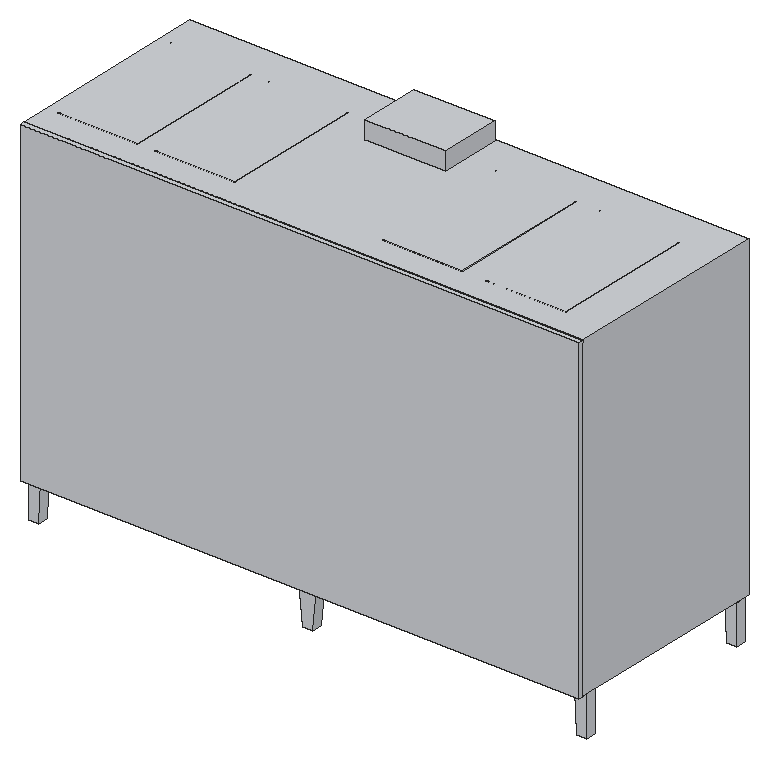
Revit family "AHU 5 _5", category Mechanické zařízení, Revit 2018
Family settings
  Kóta kulaté spojky = Použít průměr
  Typ dílu = Normální
  Číslo OmniClass = 23.75.00.00
  Nadpis OmniClass = Climate Control (HVAC)
  Založené na pracovní rovině = Ne
  Vždy vertikální = Ano
  Ořezat dutým tvarem při načtení = Ne
  Sdílené = Ne
  Bod výpočtu místnosti = Ne
Parameters (values of type "DUPLEXVENT 5500 Multi Eco-V")
  Width [instance] = 1.065 mm
  Weight [instance] = 594.00 kg
  URL = ""
  Type [instance] = "DUPLEXVENT 5500 Multi Eco-V"
  Total_SFP [instance] = 0
  Supply_outlet_hum [instance] = 90
  Supply_inlet_hum [instance] = 90
  Supply_ext_pressure [instance] = 0.0 Pa
  Supply_SFP [instance] = 0
  Source_adu_file [instance] = ""
  Recuperation_type [instance] = "Plate heat recovery exchanger"
  Recuperation_efficiency_EN308 [instance] = 0
  Project_name [instance] = ""
  Project_date [instance] = "10.8.2023"
  Power_supply_fusing [instance] = "0"
  Power_supply_cable [instance] = "0"
  Position [instance] = "AHU 5 "
  Phases_count [instance] = 3
  Panel_thickness [instance] = 0.06 mm
  Outer_surface [instance] = "RAL 9002"
  Length [instance] = 2.8 mm
  Insulation_type [instance] = "PUR"
  Insulation_thickness [instance] = 0.05 mm
  Installation_environment [instance] = ""
  Input_power_max [instance] = 6600 W
  Inner_surface [instance] = "Pozink"
  I2 [instance] = I1  # 0.0 L/s
  Height [instance] = 1.6 mm
  Exhaust_outlet_hum [instance] = 40
  Exhaust_inlet_hum [instance] = 40
  Exhaust_ext_pressure [instance] = 0.0 Pa
  Exhaust_SFP [instance] = 0
  E1 [instance] = E2 - M1  # 0.0 L/s
  E2 [instance] = 0.0 L/s
  I1 [instance] = 0.0 L/s
  Description = ""
  M1 [instance] = 0.0 L/s
  Device_dutypoint_version [instance] = "0"
  Device_design_version [instance] = "9"
  Device_adu_id [instance] = "5"
  Current_max [instance] = 10.8 A
  Casing_mat [instance] = "painted zinc layer"
  Cable type [instance] = "CYKY 5Jx2,5"
Reference planes
  plane 1 "Střed (vpředu/vzadu)": y = 0
  plane 2 "ref": z = 0
  plane 3 "Střed (vlevo/vpravo)": x = 0
Forms (mm)
  Sweep 1, solid
    path origin (0, 0, 0) x (0, 0, 1) y (1, 0, 0)
      loop
        line (0, 0) -> (1600, 0)
    profile origin (0, 0, 0) x (1, 0, 0) y (0, 1, 0)
      loop
        line (0, 0) -> (2800, 0) -> (2800, 1035) -> (0, 1035) -> (0, 0)
  Sweep 2, solid
    path origin (745, 490, 1599) x (0, 0, 1) y (1, 0, 0)
      loop
        line (0, 0) -> (1, 0)
    profile origin (745, 490, 1599) x (1, 0, 0) y (0, 1, 0)
      loop
        line (-200, -355) -> (200, -355) -> (200, 355) -> (-200, 355) -> (-200, -355)
  Sweep 3, solid
    path origin (2405, 490, 1599) x (0, 0, 1) y (1, 0, 0)
      loop
        line (0, 0) -> (1, 0)
    profile origin (2405, 490, 1599) x (1, 0, 0) y (0, 1, 0)
      loop
        line (-200, -355) -> (200, -355) -> (200, 355) -> (-200, 355) -> (-200, -355)
  Sweep 4, solid
    path origin (1885, 490, 1599) x (0, 0, 1) y (1, 0, 0)
      loop
        line (0, 0) -> (1, 0)
    profile origin (1885, 490, 1599) x (1, 0, 0) y (0, 1, 0)
      loop
        line (-200, -355) -> (200, -355) -> (200, 355) -> (-200, 355) -> (-200, -355)
  Sweep 5, solid
    path origin (255, 490, 1599) x (0, 0, 1) y (1, 0, 0)
      loop
        line (0, 0) -> (1, 0)
    profile origin (255, 490, 1599) x (1, 0, 0) y (0, 1, 0)
      loop
        line (-200, -355) -> (200, -355) -> (200, 355) -> (-200, 355) -> (-200, -355)
  Sweep 6, solid
    path origin (1250, 308, 0) x (0, -1, 0) y (0, 0, 1)
      loop
        line (0, 0) -> (0, -142)
    profile origin (1250, 308, 0) x (-1, 0, 0) y (0, -1, 0)
      loop
        circle (0, 0) r 8
  Sweep 7, solid
    path origin (1258, 308, -150) x (0, 0, -1) y (1, 0, 0)
      loop
        line (0, 0) -> (0, 14)
    profile origin (1258, 308, -150) x (0, 0, 1) y (0, -1, 0)
      loop
        circle (0, 0) r 8
  Sweep 8, solid
    path origin (1280, 308, -142) x (0, -1, 0) y (0, 0, 1)
      loop
        line (0, 0) -> (0, 59)
    profile origin (1280, 308, -142) x (0, 1, 0) y (-1, 0, 0)
      loop
        circle (0, 0) r 8
  Sweep 9, solid
    path origin (1288, 308, -75) x (0, 0, -1) y (1, 0, 0)
      loop
        line (0, 0) -> (0, 22)
    profile origin (1288, 308, -75) x (0, 0, 1) y (0, -1, 0)
      loop
        circle (0, 0) r 8
  Sweep 10, solid
    path origin (1796, 308, 0) x (0, -1, 0) y (0, 0, 1)
      loop
        line (0, 0) -> (0, -142)
    profile origin (1796, 308, 0) x (-1, 0, 0) y (0, -1, 0)
      loop
        circle (0, 0) r 8
  Sweep 11, solid
    path origin (1804, 308, -150) x (0, 0, -1) y (1, 0, 0)
      loop
        line (0, 0) -> (0, 14)
    profile origin (1804, 308, -150) x (0, 0, 1) y (0, -1, 0)
      loop
        circle (0, 0) r 8
  Sweep 12, solid
    path origin (1826, 308, -142) x (0, -1, 0) y (0, 0, 1)
      loop
        line (0, 0) -> (0, 59)
    profile origin (1826, 308, -142) x (0, 1, 0) y (-1, 0, 0)
      loop
        circle (0, 0) r 8
  Sweep 13, solid
    path origin (1834, 308, -75) x (0, 0, -1) y (1, 0, 0)
      loop
        line (0, 0) -> (0, 22)
    profile origin (1834, 308, -75) x (0, 0, 1) y (0, -1, 0)
      loop
        circle (0, 0) r 8
  Sweep 14, solid
    path origin (0, 0, 0) x (0, 0, 1) y (1, 0, 0)
      loop
        line (0, 0) -> (1600, 0)
    profile origin (0, 0, 0) x (1, 0, 0) y (0, 1, 0)
      loop
        line (0, -30) -> (2800, -30) -> (2800, -5) -> (0, -5) -> (0, -30)
  Sweep 15, solid
    path origin (25, 75, 0) x (1, 0, 0) y (0, 1, 0)
      loop
        line (0, 0) -> (0, -50)
    profile origin (25, 75, 0) x (1, 0, 0) y (0, 0, 1)
      loop
        line (-25, 0) -> (-25, -200) -> (25, -200) -> (35, 0) -> (-25, 0)
  Sweep 16, solid
    path origin (2775, 75, 0) x (1, 0, 0) y (0, 1, 0)
      loop
        line (0, 0) -> (0, -50)
    profile origin (2775, 75, 0) x (1, 0, 0) y (0, 0, 1)
      loop
        line (-35, 0) -> (-25, -200) -> (25, -200) -> (25, 0) -> (-35, 0)
  Sweep 17, solid
    path origin (25, 1010, 0) x (1, 0, 0) y (0, 1, 0)
      loop
        line (0, 0) -> (0, -50)
    profile origin (25, 1010, 0) x (1, 0, 0) y (0, 0, 1)
      loop
        line (-25, 0) -> (-25, -200) -> (25, -200) -> (35, 0) -> (-25, 0)
  Sweep 18, solid
    path origin (2775, 1010, 0) x (1, 0, 0) y (0, 1, 0)
      loop
        line (0, 0) -> (0, -50)
    profile origin (2775, 1010, 0) x (1, 0, 0) y (0, 0, 1)
      loop
        line (-35, 0) -> (-25, -200) -> (25, -200) -> (25, 0) -> (-35, 0)
  Sweep 19, solid
    path origin (1400, 75, 0) x (1, 0, 0) y (0, 1, 0)
      loop
        line (0, 0) -> (0, -50)
    profile origin (1400, 75, 0) x (1, 0, 0) y (0, 0, 1)
      loop
        line (-45, 0) -> (-25, -200) -> (25, -200) -> (45, 0) -> (-45, 0)
  Sweep 20, solid
    path origin (1400, 1010, 0) x (1, 0, 0) y (0, 1, 0)
      loop
        line (0, 0) -> (0, -50)
    profile origin (1400, 1010, 0) x (1, 0, 0) y (0, 0, 1)
      loop
        line (-45, 0) -> (-25, -200) -> (25, -200) -> (45, 0) -> (-45, 0)
  Sweep 21, solid
    path origin (0, 0, 1600) x (0, 0, 1) y (1, 0, 0)
      loop
        line (0, 0) -> (90, 0)
    profile origin (0, 0, 1600) x (1, 0, 0) y (0, 1, 0)
      loop
        line (1130, 720) -> (1535, 720) -> (1535, 1025) -> (1130, 1025) -> (1130, 720)
  Sweep 22, solid
    path origin (1130, 873, 1645) x (0, 0, -1) y (1, 0, 0)
      loop
        line (0, 0) -> (0, -1)
    profile origin (1130, 873, 1645) x (0, 0, -1) y (0, -1, 0)
      loop
        circle (0, 0) r 10
Lines and regions (mm)
  model lines, style "Symbol"
    curve 1: line (1400, -30, 1600) -> (1400, -30, 960)
    curve 2: line (700, -30, 1600) -> (700, -30, 480)
    curve 3: line (700, -30, 480) -> (920, -30, 480)
    curve 4: line (2100, -30, 1600) -> (2100, -30, 480)
    curve 5: line (2100, -30, 480) -> (1880, -30, 480)
    curve 6: line (920, -30, 480) -> (1160, -30, 960)
    curve 7: line (1160, -30, 960) -> (1640, -30, 960)
    curve 8: line (1640, -30, 960) -> (1880, -30, 480)
    curve 9: line (1880, -30, 480) -> (1640, -30, 0)
    curve 10: line (1640, -30, 0) -> (1400, -30, 0)
    curve 11: line (1400, -30, 0) -> (1160, -30, 0)
    curve 12: line (1160, -30, 0) -> (920, -30, 480)
    curve 13: line (2308, -30, 1140) -> (2362, -30, 1460)
    curve 14: line (2592, -30, 1140) -> (2538, -30, 1460)
    curve 15: line (208, -30, 1140) -> (262, -30, 1460)
    curve 16: line (492, -30, 1140) -> (438, -30, 1460)
    curve 17: line (770, -30, 1280) -> (1330, -30, 1280)
    curve 18: line (1330, -30, 1280) -> (1330, -30, 1120)
    curve 19: line (1330, -30, 1120) -> (770, -30, 1120)
    curve 20: line (770, -30, 1120) -> (770, -30, 1280)
    curve 21: line (770, -30, 1200) -> (1050, -30, 1120)
    curve 22: line (1330, -30, 1200) -> (1050, -30, 1120)
    curve 23: line (1470, -30, 1280) -> (2030, -30, 1280)
    curve 24: line (2030, -30, 1280) -> (2030, -30, 1120)
    curve 25: line (2030, -30, 1120) -> (1470, -30, 1120)
    curve 26: line (1470, -30, 1120) -> (1470, -30, 1280)
    curve 27: line (1470, -30, 1200) -> (1750, -30, 1120)
    curve 28: line (2030, -30, 1200) -> (1750, -30, 1120)
    curve 29: line (797, -30, 554) -> (1015, -30, 982)
    curve 30: line (1015, -30, 982) -> (1139, -30, 918)
    curve 31: line (1139, -30, 918) -> (921, -30, 490)
    curve 32: line (921, -30, 490) -> (797, -30, 554)
    curve 33: line (936, -30, 797) -> (1087, -30, 846)
    curve 34: line (849, -30, 626) -> (1000, -30, 675)
    curve 35: line (0, 1035, -200) -> (0, 1035, 0)
    curve 36: line (2800, 1035, -200) -> (2800, 1035, 0)
    curve 37: line (0, 1035, -200) -> (2800, 1035, -200)
    curve 38: line (0, 0, -200) -> (0, 0, 0)
    curve 39: line (2800, 0, -200) -> (2800, 0, 0)
    curve 40: line (0, 0, -200) -> (2800, 0, -200)
    curve 41: line (0, 1035, -200) -> (0, 0, -200)
    curve 42: line (2800, 1035, -200) -> (2800, 0, -200)
    curve 43: line (0, 200, -200) -> (200, 0, -200)
    curve 44: line (0, 400, -200) -> (400, 0, -200)
    curve 45: line (0, 600, -200) -> (600, 0, -200)
    curve 46: line (0, 800, -200) -> (800, 0, -200)
    curve 47: line (0, 1000, -200) -> (1000, 0, -200)
    curve 48: line (165, 1035, -200) -> (1200, 0, -200)
    curve 49: line (365, 1035, -200) -> (1400, 0, -200)
    curve 50: line (565, 1035, -200) -> (1600, 0, -200)
    curve 51: line (765, 1035, -200) -> (1800, 0, -200)
    curve 52: line (965, 1035, -200) -> (2000, 0, -200)
    curve 53: line (1165, 1035, -200) -> (2200, 0, -200)
    curve 54: line (1365, 1035, -200) -> (2400, 0, -200)
    curve 55: line (1565, 1035, -200) -> (2600, 0, -200)
    curve 56: line (1765, 1035, -200) -> (2800, 0, -200)
    curve 57: line (1965, 1035, -200) -> (2800, 200, -200)
    curve 58: line (2165, 1035, -200) -> (2800, 400, -200)
    curve 59: line (2365, 1035, -200) -> (2800, 600, -200)
    curve 60: line (2565, 1035, -200) -> (2800, 800, -200)
    curve 61: line (2765, 1035, -200) -> (2800, 1000, -200)
    curve 62: line (2800, 200, -200) -> (2800, 0, 0)
    curve 63: line (2800, 400, -200) -> (2800, 200, 0)
    curve 64: line (2800, 600, -200) -> (2800, 400, 0)
    curve 65: line (2800, 800, -200) -> (2800, 600, 0)
    curve 66: line (2800, 1000, -200) -> (2800, 800, 0)
    curve 67: line (2800, 1035, -35) -> (2800, 1000, 0)
    curve 68: line (0, 0, 0) -> (200, 0, -200)
    curve 69: line (200, 0, 0) -> (400, 0, -200)
    curve 70: line (400, 0, 0) -> (600, 0, -200)
    curve 71: line (600, 0, 0) -> (800, 0, -200)
    curve 72: line (800, 0, 0) -> (1000, 0, -200)
    curve 73: line (1000, 0, 0) -> (1200, 0, -200)
    curve 74: line (1200, 0, 0) -> (1400, 0, -200)
    curve 75: line (1400, 0, 0) -> (1600, 0, -200)
    curve 76: line (1600, 0, 0) -> (1800, 0, -200)
    curve 77: line (1800, 0, 0) -> (2000, 0, -200)
    curve 78: line (2000, 0, 0) -> (2200, 0, -200)
    curve 79: line (2200, 0, 0) -> (2400, 0, -200)
    curve 80: line (2400, 0, 0) -> (2600, 0, -200)
    curve 81: line (2600, 0, 0) -> (2800, 0, -200)
    curve 82: line (0, 0, 2180) -> (0, 0, 1600)
    curve 83: line (2800, 0, 2180) -> (2800, 0, 1600)
    curve 84: line (0, 0, 2180) -> (2800, 0, 2180)
    curve 85: line (0, 1035, 2180) -> (0, 1035, 1600)
    curve 86: line (2800, 1035, 2180) -> (2800, 1035, 1600)
    curve 87: line (0, 1035, 2180) -> (2800, 1035, 2180)
    curve 88: line (0, 0, 2180) -> (0, 1035, 2180)
    curve 89: line (2800, 0, 2180) -> (2800, 1035, 2180)
    curve 90: line (0, 835, 2180) -> (200, 1035, 2180)
    curve 91: line (0, 635, 2180) -> (400, 1035, 2180)
    curve 92: line (0, 435, 2180) -> (600, 1035, 2180)
    curve 93: line (0, 235, 2180) -> (800, 1035, 2180)
    curve 94: line (0, 35, 2180) -> (1000, 1035, 2180)
    curve 95: line (165, 0, 2180) -> (1200, 1035, 2180)
    curve 96: line (365, 0, 2180) -> (1400, 1035, 2180)
    curve 97: line (565, 0, 2180) -> (1600, 1035, 2180)
    curve 98: line (765, 0, 2180) -> (1800, 1035, 2180)
    curve 99: line (965, 0, 2180) -> (2000, 1035, 2180)
    curve 100: line (1165, 0, 2180) -> (2200, 1035, 2180)
    curve 101: line (1365, 0, 2180) -> (2400, 1035, 2180)
    curve 102: line (1565, 0, 2180) -> (2600, 1035, 2180)
    curve 103: line (1765, 0, 2180) -> (2800, 1035, 2180)
    curve 104: line (1965, 0, 2180) -> (2800, 835, 2180)
    curve 105: line (2165, 0, 2180) -> (2800, 635, 2180)
    curve 106: line (2365, 0, 2180) -> (2800, 435, 2180)
    curve 107: line (2565, 0, 2180) -> (2800, 235, 2180)
    curve 108: line (2765, 0, 2180) -> (2800, 35, 2180)
    curve 109: line (2800, 835, 2180) -> (2800, 1035, 1980)
    curve 110: line (2800, 635, 2180) -> (2800, 1035, 1780)
    curve 111: line (2800, 435, 2180) -> (2800, 1015, 1600)
    curve 112: line (2800, 235, 2180) -> (2800, 815, 1600)
    curve 113: line (2800, 35, 2180) -> (2800, 615, 1600)
    curve 114: line (2800, 0, 2015) -> (2800, 415, 1600)
    curve 115: line (2800, 0, 1815) -> (2800, 215, 1600)
    curve 116: line (2800, 0, 1615) -> (2800, 15, 1600)
    curve 117: line (0, 1035, 1980) -> (200, 1035, 2180)
    curve 118: line (0, 1035, 1780) -> (400, 1035, 2180)
    curve 119: line (20, 1035, 1600) -> (600, 1035, 2180)
    curve 120: line (220, 1035, 1600) -> (800, 1035, 2180)
    curve 121: line (420, 1035, 1600) -> (1000, 1035, 2180)
    curve 122: line (620, 1035, 1600) -> (1200, 1035, 2180)
    curve 123: line (820, 1035, 1600) -> (1400, 1035, 2180)
    curve 124: line (1020, 1035, 1600) -> (1600, 1035, 2180)
    curve 125: line (1220, 1035, 1600) -> (1800, 1035, 2180)
    curve 126: line (1420, 1035, 1600) -> (2000, 1035, 2180)
    curve 127: line (1620, 1035, 1600) -> (2200, 1035, 2180)
    curve 128: line (1820, 1035, 1600) -> (2400, 1035, 2180)
    curve 129: line (2020, 1035, 1600) -> (2600, 1035, 2180)
    curve 130: line (2220, 1035, 1600) -> (2800, 1035, 2180)
    curve 131: line (2420, 1035, 1600) -> (2800, 1035, 1980)
    curve 132: line (2620, 1035, 1600) -> (2800, 1035, 1780)
    curve 133: line (0, -30, 0) -> (0, -30, 1600)
    curve 134: line (0, -30, 1600) -> (1120, -30, 1600)
    curve 135: line (1120, -30, 1600) -> (1120, -30, 0)
    curve 136: line (1120, -30, 0) -> (0, -30, 0)
    curve 137: line (1680, -30, 0) -> (1680, -30, 1600)
    curve 138: line (1680, -30, 1600) -> (2800, -30, 1600)
    curve 139: line (2800, -30, 1600) -> (2800, -30, 0)
    curve 140: line (2800, -30, 0) -> (1680, -30, 0)
    curve 141: line (0, -30, 0) -> (2800, -30, 0)
    curve 142: line (0, -30, 1600) -> (2800, -30, 1600)
    curve 143: line (0, -30, 0) -> (0, -30, 1600)
    curve 144: line (2800, -30, 0) -> (2800, -30, 1600)
    curve 145: line (0, -30, 0) -> (0, -5, 0)
    curve 146: line (2800, -30, 0) -> (2800, -5, 0)
    curve 147: line (0, -30, 1600) -> (0, -5, 1600)
    curve 148: line (2800, -30, 1600) -> (2800, -5, 1600)
    curve 149: circle (2450, -30, 1280) r 200 normal (0, -1, 0)
    curve 150: circle (350, -30, 1280) r 200 normal (0, -1, 0)
    curve 151: circle (1012, -30, 822) r 21 normal (0, -1, 0)
    curve 152: circle (924, -30, 650) r 21 normal (0, -1, 0)
    curve 153: circle (1250, 308, 0) r 8 normal (0, 0, -1)
    curve 154: circle (1250, 308, -142) r 8 normal (0, 0, -1)
    curve 155: circle (1796, 308, 0) r 8 normal (0, 0, -1)
    curve 156: circle (1796, 308, -142) r 8 normal (0, 0, -1)
Dimensions and locks
  aligned and locked: level to plane 2 "ref"
Connectors
  hvac at (745, 490, 1600), driven by "E1"
    settings: on Sweep 2, index 1, duct flow 0.0 L/s, flow factor 0, pres drop 0.0 Pa, loss coef 0, conn angle 0.00°, conn width 710 mm, conn height 400 mm, conn diameter 609.6 mm, duct sys type 1, conn prof type 1, flow config 1, flow direction 1, loss method 0, conn ref index -1, conn util no, is conn primary yes, conn desc ""
  hvac at (2405, 490, 1600), driven by "E2"
    settings: on Sweep 3, index 2, duct flow 0.0 L/s, flow factor 1, pres drop 0.0 Pa, loss coef 0, conn angle 0.00°, conn width 710 mm, conn height 400 mm, conn diameter 609.6 mm, duct sys type 1, conn prof type 1, flow config 2, flow direction 2, loss method 0, conn ref index -1, conn util no, is conn primary no, conn desc ""
  hvac at (1885, 490, 1600), driven by "I1"
    settings: on Sweep 4, index 3, duct flow 0.0 L/s, flow factor 1, pres drop 0.0 Pa, loss coef 0, conn angle 0.00°, conn width 710 mm, conn height 400 mm, conn diameter 609.6 mm, duct sys type 3, conn prof type 1, flow config 2, flow direction 1, loss method 0, conn ref index -1, conn util no, is conn primary no, conn desc ""
  hvac at (255, 490, 1600), driven by "I2"
    settings: on Sweep 5, index 4, duct flow 0.0 L/s, flow factor 0, pres drop 0.0 Pa, loss coef 0, conn angle 0.00°, conn width 710 mm, conn height 400 mm, conn diameter 609.6 mm, duct sys type 3, conn prof type 1, flow config 1, flow direction 2, loss method 0, conn ref index -1, conn util no, is conn primary no, conn desc ""
  piping at (1310, 308, -75), diameter 40
    settings: on Sweep 9, index 5, connector inside diameter 609.6 mm, connector length 0 mm, flow factor 0, pipe flow 0.0 L/s, pressure drop 0.0 Pa, fitting loss kfactor 0, connector angle 0.00°, fixture units 0, engagement length 0 mm, angle of deflection 0.00°, flow configuration 1, flow direction 2, fitting loss method 0, system type 16, joint type 0, gender type 0, connector reference index -1, connector utility 0, adjustable connector no, is connector primary yes, connector description ""
  piping at (1856, 308, -75), diameter 40
    settings: on Sweep 13, index 6, connector inside diameter 609.6 mm, connector length 0 mm, flow factor 0, pipe flow 0.0 L/s, pressure drop 0.0 Pa, fitting loss kfactor 0, connector angle 0.00°, fixture units 0, engagement length 0 mm, angle of deflection 0.00°, flow configuration 1, flow direction 2, fitting loss method 0, system type 16, joint type 0, gender type 0, connector reference index -1, connector utility 0, adjustable connector no, is connector primary no, connector description ""
  electrical at (1129, 873, 1645)
    settings: on Sweep 22, index 7, voltage 400 V, apparent load 0 VA, apparent load phase1 0 VA, apparent load phase2 0 VA, apparent load phase3 0 VA, power factor 1, load classification "Další", number of poles 3, system type 31, power factor state 1, is connector primary yes, connector utility no, sub classification motor no, connector description ""
